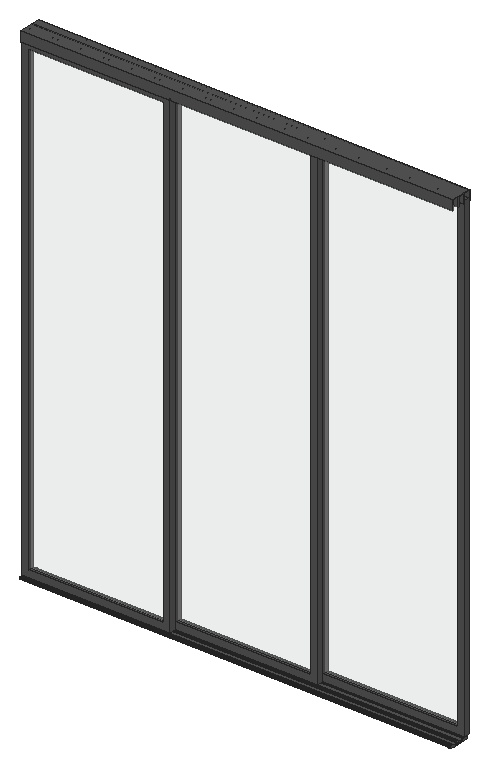
Revit family "Door_FTS RD_The Sliding Door Company_1.5F 3-Panel Triple Track (Double Recessed)", category Doors, host Wall, Revit 2019 (continued)
Automatic sketch dimensions
  Extrusion 36 sketch curve to Extrusion 36 sketch curve = 0"
  Extrusion 36 sketch curve to plane 19 "Top" = 0"
  Extrusion 36 sketch curve to Extrusion 36 sketch curve = 1 1/2"  (x3)
  Extrusion 1 sketch curve to host wall = 81/128"
  Extrusion 37 sketch curve to Extrusion 37 sketch curve = 0.03107"  (x2)
  Extrusion 37 sketch curve to Extrusion 37 sketch curve = 0.03284"  (x2)
  Extrusion 37 sketch curve to Extrusion 37 sketch curve = 0.0267"
  Extrusion 37 sketch curve to Extrusion 37 sketch curve = 0.01493"
  Extrusion 37 sketch curve to Extrusion 37 sketch curve = 0.05797"
  Extrusion 37 sketch curve to Extrusion 37 sketch curve = 0.06757"
  Extrusion 37 sketch curve to Extrusion 37 sketch curve = 0.00385"  (x3)
  Extrusion 37 sketch curve to Extrusion 37 sketch curve = 0.04892"  (x3)
  Extrusion 37 sketch curve to Extrusion 37 sketch curve = 0.08869"
  Extrusion 37 sketch curve to Extrusion 37 sketch curve = 0.08957"
  Extrusion 37 sketch curve to Extrusion 37 sketch curve = 0.05788"
  Extrusion 37 sketch curve to Extrusion 37 sketch curve = 0.05"
  Extrusion 37 sketch curve to Extrusion 37 sketch curve = 0.03276"
  Extrusion 37 sketch curve to Extrusion 37 sketch curve = 0.03182"
  Extrusion 37 sketch curve to Extrusion 37 sketch curve = 0.03146"
  Extrusion 37 sketch curve to Extrusion 37 sketch curve = 0.00601"  (x3)
  Extrusion 37 sketch curve to Extrusion 37 sketch curve = 0.09824"
  Extrusion 37 sketch curve to Extrusion 37 sketch curve = 0.03266"
  Extrusion 37 sketch curve to Extrusion 37 sketch curve = 0.06331"
  Extrusion 37 sketch curve to Extrusion 37 sketch curve = 0.03109"
  Extrusion 38 sketch curve to Extrusion 38 sketch curve = 0"  (x25)
  Extrusion 38 sketch curve to Extrusion 38 sketch curve = 0.01985"  (x3)
  Extrusion 38 sketch curve to Extrusion 38 sketch curve = 0.03271"
  Extrusion 38 sketch curve to Extrusion 38 sketch curve = 0.03284"  (x3)
  Extrusion 38 sketch curve to Extrusion 38 sketch curve = 0.03107"  (x9)
  Extrusion 38 sketch curve to Extrusion 38 sketch curve = 0.0373"
  Extrusion 38 sketch curve to Extrusion 38 sketch curve = 0.37719"  (x3)
  Extrusion 38 sketch curve to Extrusion 38 sketch curve = 0.05956"  (x6)
  Extrusion 38 sketch curve to Extrusion 38 sketch curve = 0.04963"  (x6)
  Extrusion 38 sketch curve to Extrusion 38 sketch curve = 0.07246"  (x4)
  Extrusion 38 sketch curve to Extrusion 38 sketch curve = 0.05716"  (x5)
  Extrusion 38 sketch curve to Extrusion 38 sketch curve = 0.7804"  (x2)
  Extrusion 38 sketch curve to Extrusion 38 sketch curve = 0.01299"
  Extrusion 38 sketch curve to Extrusion 38 sketch curve = 0.00005"  (x5)
  Extrusion 38 sketch curve to Extrusion 38 sketch curve = 0.03182"  (x2)
  Extrusion 38 sketch curve to Extrusion 38 sketch curve = 0.0501"  (x3)
  Extrusion 38 sketch curve to Extrusion 38 sketch curve = 0.03986"  (x2)
  Extrusion 38 sketch curve to Extrusion 38 sketch curve = 0.09532"  (x2)
  Extrusion 38 sketch curve to Extrusion 38 sketch curve = 0.05547"  (x2)
  Extrusion 38 sketch curve to Extrusion 38 sketch curve = 0.06662"
  Extrusion 38 sketch curve to Extrusion 38 sketch curve = 0.08276"  (x3)
  Extrusion 38 sketch curve to Extrusion 38 sketch curve = 0.00012"  (x3)
  Extrusion 38 sketch curve to Extrusion 38 sketch curve = 0.03266"  (x2)
  Extrusion 38 sketch curve to Extrusion 38 sketch curve = 0.24475"
  Extrusion 38 sketch curve to Extrusion 38 sketch curve = 0.09928"
  Extrusion 38 sketch curve to Extrusion 38 sketch curve = 0.03873"
  Extrusion 38 sketch curve to Extrusion 38 sketch curve = 0.03876"  (x2)
  Extrusion 38 sketch curve to Extrusion 38 sketch curve = 0.03877"
  Extrusion 38 sketch curve to Extrusion 38 sketch curve = 0.00007"
  Extrusion 38 sketch curve to Extrusion 38 sketch curve = 0.05866"  (x2)
  Extrusion 39 sketch curve to Extrusion 39 sketch curve = 0.03107"  (x2)
  Extrusion 39 sketch curve to Extrusion 39 sketch curve = 0.03284"  (x2)
  Extrusion 39 sketch curve to Extrusion 39 sketch curve = 0.0267"
  Extrusion 39 sketch curve to Extrusion 39 sketch curve = 0.01493"
  Extrusion 39 sketch curve to Extrusion 39 sketch curve = 0.05797"
  Extrusion 39 sketch curve to Extrusion 39 sketch curve = 0.06757"
  Extrusion 39 sketch curve to Extrusion 39 sketch curve = 0.00385"  (x3)
  Extrusion 39 sketch curve to Extrusion 39 sketch curve = 0.04892"  (x3)
  Extrusion 39 sketch curve to Extrusion 39 sketch curve = 0.08869"
  Extrusion 39 sketch curve to Extrusion 39 sketch curve = 0.08957"
  Extrusion 39 sketch curve to Extrusion 39 sketch curve = 0.05788"
  Extrusion 39 sketch curve to Extrusion 39 sketch curve = 0.05"
  Extrusion 39 sketch curve to Extrusion 39 sketch curve = 0.00926"
  Extrusion 39 sketch curve to Extrusion 39 sketch curve = 0.03134"  (x3)
  Extrusion 39 sketch curve to Extrusion 39 sketch curve = 0.03222"
  Extrusion 39 sketch curve to Extrusion 39 sketch curve = 0.05632"
  Extrusion 39 sketch curve to Extrusion 39 sketch curve = 0.03266"
  Extrusion 39 sketch curve to Extrusion 39 sketch curve = 0.06422"
  Extrusion 39 sketch curve to Extrusion 39 sketch curve = 0.03182"
  Extrusion 39 sketch curve to Extrusion 39 sketch curve = 0.03276"
  Extrusion 37 sketch curve to Extrusion 37 sketch curve = 0.05198"
  Extrusion 37 sketch curve to Extrusion 37 sketch curve = 0.05951"
  Extrusion 37 sketch curve to Extrusion 37 sketch curve = 0.07724"
  Extrusion 37 sketch curve to Extrusion 37 sketch curve = 0.03699"
  Extrusion 37 sketch curve to Extrusion 37 sketch curve = 0.18027"
  Extrusion 37 sketch curve to Extrusion 37 sketch curve = 0.00831"
  Extrusion 38 sketch curve to Extrusion 38 sketch curve = 0.05951"  (x6)
  Extrusion 38 sketch curve to Extrusion 38 sketch curve = 0.18027"
  Extrusion 39 sketch curve to Extrusion 39 sketch curve = 0.02303"
  Extrusion 39 sketch curve to Extrusion 39 sketch curve = 0.04257"
  Extrusion 39 sketch curve to Extrusion 39 sketch curve = 0.043"
  Extrusion 39 sketch curve to Extrusion 39 sketch curve = 0.05179"
  Extrusion 39 sketch curve to Extrusion 39 sketch curve = 0.03934"
  Extrusion 39 sketch curve to Extrusion 39 sketch curve = 0.05198"
  Extrusion 40 sketch curve to host wall = 1.321"
  Extrusion 40 sketch curve to Extrusion 40 sketch curve = 0.08136"  (x2)
  Extrusion 40 sketch curve to Extrusion 40 sketch curve = 0"  (x15)
  Extrusion 40 sketch curve to level = 3/8"  (x3)
  Extrusion 40 sketch curve to Extrusion 40 sketch curve = 0.01985"  (x2)
  Extrusion 40 sketch curve to Extrusion 40 sketch curve = 0.03271"
  Extrusion 40 sketch curve to Extrusion 40 sketch curve = 0.0373"  (x2)
  Extrusion 40 sketch curve to Extrusion 40 sketch curve = 0.05716"  (x6)
  Extrusion 40 sketch curve to Extrusion 40 sketch curve = 0.37719"  (x2)
  Extrusion 40 sketch curve to Extrusion 40 sketch curve = 0.05956"  (x6)
  Extrusion 40 sketch curve to Extrusion 40 sketch curve = 0.04963"  (x6)
  Extrusion 40 sketch curve to level = 0.26535"  (x2)
  Extrusion 40 sketch curve to Extrusion 40 sketch curve = 0.07246"  (x5)
  Extrusion 40 sketch curve to level = 0.31549"  (x4)
  Extrusion 40 sketch curve to Extrusion 40 sketch curve = 0.03107"  (x8)
  Extrusion 40 sketch curve to Extrusion 40 sketch curve = 0.7804"
  Extrusion 40 sketch curve to level = 0.08714"
  Extrusion 40 sketch curve to level = 0.31544"
  Extrusion 40 sketch curve to host wall = 0.5449"
  Extrusion 40 sketch curve to Extrusion 40 sketch curve = 0.31069"
  Extrusion 40 sketch curve to Extrusion 40 sketch curve = 0.03284"  (x3)
  Extrusion 40 sketch curve to Extrusion 40 sketch curve = 0.00005"  (x5)
  Extrusion 40 sketch curve to Extrusion 40 sketch curve = 0.0501"  (x2)
  Extrusion 40 sketch curve to Extrusion 40 sketch curve = 0.03182"  (x2)
  Extrusion 40 sketch curve to Extrusion 40 sketch curve = 0.03986"  (x3)
  Extrusion 40 sketch curve to Extrusion 40 sketch curve = 0.09532"  (x2)
  Extrusion 40 sketch curve to Extrusion 40 sketch curve = 0.05547"
  Extrusion 40 sketch curve to Extrusion 40 sketch curve = 0.06662"
  Extrusion 40 sketch curve to Extrusion 40 sketch curve = 0.00012"  (x3)
  Extrusion 40 sketch curve to Extrusion 40 sketch curve = 0.08276"  (x2)
  Extrusion 40 sketch curve to Extrusion 40 sketch curve = 0.03266"  (x2)
  Extrusion 40 sketch curve to Extrusion 40 sketch curve = 0.09928"  (x2)
  Extrusion 40 sketch curve to Extrusion 40 sketch curve = 0.03876"  (x2)
  Extrusion 40 sketch curve to Extrusion 40 sketch curve = 0.03877"
  Extrusion 40 sketch curve to Extrusion 40 sketch curve = 0.0388"
  Extrusion 40 sketch curve to Extrusion 40 sketch curve = 0.05866"  (x2)
  host wall to Extrusion 40 sketch curve = 0.2355"
  Extrusion 40 sketch curve to Extrusion 40 sketch curve = 0.0312"
  Extrusion 40 sketch curve to Extrusion 40 sketch curve = 0.18027"
  Opening 1 sketch curve to level = 0"
